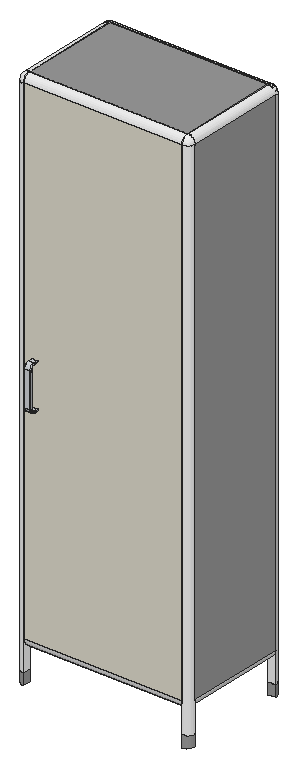
Revit family "Шкаф медицинский для одежды однодверный ДМ-2-001-30", category Оборудование, Revit 2017
Family settings
  Размер круглого соединителя = Использовать диаметр
  Тип детали = Нормальный
  На основе рабочей плоскости = Нет
  Всегда вертикально = Да
  При загрузке вырезать с полостями = Нет
  Общий = Нет
  Точка расчета площади = Нет
Parameters (values of type "Тип")
  Фасад = Столешница медицинской мебели ДСП с пластиковым покрытием
  Ручки = Алюминий 7075
  Панели = Пластмасса, непрозрачная, белая
  Общ_Ширина = 600.0 mm
  Общ_Тип, марка = "ДМ-2-001-30"
  Общ_Примечание КР [instance] = ""
  Общ_Примечание АР [instance] = ""
  Общ_Примечание = ""
  Общ_Поставщик = "Доктор Мебель"
  Общ_Позиция = ""
  Общ_Наименование = "Шкаф медицинский для одежды"
  Общ_Масса = ""
  Общ_Код продукции = ""
  Общ_Единицы измерения = "шт."
  Общ_Глубина = 400.0 mm
  Общ_Высота = 1900.0 mm
  Ножки = Пластмасса, непрозрачная, черная
  Keynote = ""
  Каркас = Алюминий 7075
  Длина ручек = 150.0 mm
  Model = ""
Reference planes
  plane 1 "По центру (Вперед/Назад)": y = 0
  plane 2: z = 0
  plane 3 "По центру (Влево/Вправо)": x = 0
  plane 4: x = 300
  plane 5: x = -300
  plane 6: y = 200
  plane 7: y = -200
  plane 8: y = 175
  plane 9: y = -175
  plane 10: z = 1900
  plane 11: z = 1875
  plane 12: x = 275
  plane 13: x = -275
Forms (mm)
  Extrusion 1, solid, material "Пластмасса, непрозрачная, черная" <- "Ножки", detail levels fine
    sketch origin (0, 0, 0) x (1, 0, 0) y (0, 1, 0)
      loop
        line (275, -175) -> (275, -200)
        arc (275, -200) -> (292.678, -192.678) -> (300, -175) r 25
        line (300, -175) -> (275, -175)
      loop
        line (275, 175) -> (300, 175)
        arc (300, 175) -> (292.678, 192.678) -> (275, 200) r 25
        line (275, 200) -> (275, 175)
      loop
        line (-275, -175) -> (-300, -175)
        arc (-300, -175) -> (-292.678, -192.678) -> (-275, -200) r 25
        line (-275, -200) -> (-275, -175)
      loop
        line (-275, 175) -> (-275, 200)
        arc (-275, 200) -> (-292.678, 192.678) -> (-300, 175) r 25
        line (-300, 175) -> (-275, 175)
    from 0 to 40
  Extrusion 2, solid, material "Алюминий 7075" <- "Каркас", detail levels fine
    sketch origin (0, 0, 0) x (1, 0, 0) y (0, 1, 0)
      loop
        line (275, 200) -> (275, 175) -> (300, 175)
        arc (300, 175) -> (292.678, 192.678) -> (275, 200) r 25
      loop
        line (300, -175) -> (275, -175) -> (275, -200)
        arc (275, -200) -> (292.678, -192.678) -> (300, -175) r 25
      loop
        line (-275, -200) -> (-275, -175) -> (-300, -175)
        arc (-300, -175) -> (-292.678, -192.678) -> (-275, -200) r 25
      loop
        arc (-275, 200) -> (-292.678, 192.678) -> (-300, 175) r 25
        line (-300, 175) -> (-275, 175) -> (-275, 200)
    from 1875 to 40
  Extrusion 3, solid, material "Пластмасса, непрозрачная, белая" <- "Панели", detail levels fine
    sketch origin (0, 0, 0) x (1, 0, 0) y (0, 1, 0)
      loop
        line (-275, 175) -> (-275, -175) -> (275, -175) -> (275, 175) -> (-275, 175)
    from 1875 to 1900
  Extrusion 4, solid, material "Пластмасса, непрозрачная, белая" <- "Панели", detail levels fine
    sketch origin (0, 0, 0) x (1, 0, 0) y (0, 1, 0)
      loop
        line (-275, 200) -> (-275, 184) -> (275, 184) -> (275, 200) -> (-275, 200)
      loop
        line (-300, 175) -> (-300, -175) -> (-284, -175) -> (-284, 175) -> (-300, 175)
      loop
        line (300, 175) -> (284, 175) -> (284, -175) -> (300, -175) -> (300, 175)
    from 1875 to 145
  Extrusion 5, solid, material "Столешница медицинской мебели ДСП с пластиковым покрытием" <- "Фасад", detail levels fine
    sketch origin (0, 0, 0) x (1, 0, 0) y (0, 1, 0)
      loop
        line (275, -184) -> (-275, -184) -> (-275, -200) -> (275, -200) -> (275, -184)
    from 145 to 1875
  Revolve 6, solid, material "Алюминий 7075" <- "Каркас", detail levels fine
    sketch origin (0, 175, 1400) x (-1, 0, 0) y (0, 0, 1)
      loop
        arc (-275, 500) -> (-292.678, 492.678) -> (-300, 475) r 25
        line (-300, 475) -> (-275, 475) -> (-275, 500)
      axis (-275, 500) -> (-275, 475)
    angle from 0 to -90
  Revolve 7, solid, material "Алюминий 7075" <- "Каркас", detail levels fine
    sketch origin (0, 175, 1400) x (-1, 0, 0) y (0, 0, 1)
      loop
        line (275, 500) -> (275, 475) -> (300, 475)
        arc (300, 475) -> (292.678, 492.678) -> (275, 500) r 25
      axis (275, 500) -> (275, 475)
    angle from 0 to -90
  Revolve 8, solid, material "Алюминий 7075" <- "Каркас", detail levels fine
    sketch origin (0, -175, 1400) x (-1, 0, 0) y (0, 0, -1)
      loop
        line (-275, -500) -> (-275, -475) -> (-300, -475)
        arc (-300, -475) -> (-292.678, -492.678) -> (-275, -500) r 25
      axis (-275, -500) -> (-275, -475)
    angle from 0 to -90
  Revolve 9, solid, material "Алюминий 7075" <- "Каркас", detail levels fine
    sketch origin (0, -175, 1400) x (-1, 0, 0) y (0, 0, -1)
      loop
        arc (275, -500) -> (292.678, -492.678) -> (300, -475) r 25
        line (300, -475) -> (275, -475) -> (275, -500)
      axis (275, -500) -> (275, -475)
    angle from 0 to -90
  Extrusion 10, solid, material "Алюминий 7075" <- "Каркас", detail levels fine
    sketch origin (-300, 760, 1400) x (0, 1, 0) y (0, 0, 1)
      loop
        arc (-560, 475) -> (-567.322, 492.678) -> (-585, 500) r 25
        line (-585, 500) -> (-585, 475) -> (-560, 475)
      loop
        line (-960, 475) -> (-935, 475) -> (-935, 500)
        arc (-935, 500) -> (-952.678, 492.678) -> (-960, 475) r 25
    from 25 to 575
  Extrusion 11, solid, material "Алюминий 7075" <- "Каркас", detail levels fine
    sketch origin (-590, -200, 1400) x (-1, 0, 0) y (0, 0, 1)
      loop
        arc (-290, 475) -> (-297.322, 492.678) -> (-315, 500) r 25
        line (-315, 500) -> (-315, 475) -> (-290, 475)
      loop
        line (-890, 475) -> (-865, 475) -> (-865, 500)
        arc (-865, 500) -> (-882.678, 492.678) -> (-890, 475) r 25
    from 25 to 384
  Extrusion 12, solid, material "Пластмасса, непрозрачная, белая" <- "Панели", detail levels fine
    sketch origin (0, 0, 0) x (1, 0, 0) y (0, 1, 0)
      loop
        line (-275, 184) -> (-275, 175) -> (-284, 175) -> (-284, -175) -> (-275, -175) -> (-275, -184) -> (275, -184) -> (275, -175) -> (284, -175) -> (284, 175) -> (275, 175) -> (275, 184) -> (-275, 184)
    from 120 to 136
  Extrusion 13, solid, detail levels fine
    sketch origin (0, -175, 1200) x (-1, 0, 0) y (0, 0, -1)
      loop
        line (284, 640) -> (284, 656) -> (-284, 656) -> (-284, 640) -> (284, 640)
      loop
        line (284, 40) -> (284, 56) -> (-284, 56) -> (-284, 40) -> (284, 40)
      loop
        line (284, -220) -> (284, -204) -> (-284, -204) -> (-284, -220) -> (284, -220)
    from 0 to -359
  Extrusion 14, solid, material "Алюминий 7075" <- "Каркас", detail levels fine
    sketch origin (-300, 760, 620) x (0, 1, 0) y (0, 0, 1)
      loop
        line (-560, -475) -> (-585, -475) -> (-585, -500)
        arc (-585, -500) -> (-567.322, -492.678) -> (-560, -475) r 25
      loop
        arc (-960, -475) -> (-952.678, -492.678) -> (-935, -500) r 25
        line (-935, -500) -> (-935, -475) -> (-960, -475)
    from 25 to 575
  Extrusion 15, solid, material "Алюминий 7075" <- "Каркас", detail levels fine
    sketch origin (-590, -200, 620) x (-1, 0, 0) y (0, 0, 1)
      loop
        line (-290, -475) -> (-315, -475) -> (-315, -500)
        arc (-315, -500) -> (-297.322, -492.678) -> (-290, -475) r 25
      loop
        arc (-890, -475) -> (-882.678, -492.678) -> (-865, -500) r 25
        line (-865, -500) -> (-865, -475) -> (-890, -475)
    from 25 to 375
Lines and regions (mm)
  symbolic lines, detail levels coarse+medium
    curve 1: line (300, -200, 0) -> (-300, -200, 0)
    curve 2: line (300, 200, 0) -> (300, -200, 0)
    curve 3: line (-300, 200, 0) -> (300, 200, 0)
    curve 4: line (-300, -200, 0) -> (-300, 200, 0)
    curve 5: line (-300, -200, 0) -> (0, 200, 0)
    curve 6: line (0, 200, 0) -> (300, -200, 0)
Dimensions and locks
  equal spacing: plane 5, plane 3 "По центру (Влево/Вправо)", plane 4
  "Общ_Ширина": plane 5 to plane 4
  locked: plane 10 to plane 11 at 25
  "Общ_Высота": plane 10 to level
  "Общ_Глубина": plane 6 to plane 7
  equal spacing: plane 6, plane 1 "По центру (Вперед/Назад)", plane 7
  locked: plane 9 to plane 7 at 25
  locked: plane 6 to plane 8 at 25
  locked: plane 5 to plane 13 at 25
  locked: plane 12 to plane 4 at 25
  aligned and locked: level to plane 2
  aligned and locked: Extrusion 15 to Extrusion 1
  aligned and locked: Extrusion 1 to Extrusion 11
  aligned and locked: Extrusion 11 to Extrusion 1
  aligned and locked: Extrusion 10 to Extrusion 1  (x2)
  aligned and locked: Extrusion 10 to Extrusion 3
  aligned and locked: Revolve 8 sketch curve to plane 11
  aligned and locked: Revolve 8 sketch curve to Revolve 8 sketch curve
  aligned and locked: plane 11 to Extrusion 11 sketch curve
  aligned and locked: Extrusion 11 sketch curve to plane 13
  aligned and locked: plane 12 to Extrusion 15 sketch curve
  aligned and locked: Extrusion 15 sketch curve to Extrusion 4
  aligned and locked: plane 13 to Extrusion 15 sketch curve
  aligned and locked: plane 11 to Revolve 6 sketch curve
  aligned and locked: Revolve 6 sketch curve to Revolve 6 sketch curve
  aligned and locked: Revolve 7 sketch curve to Revolve 7 sketch curve
  aligned and locked: Revolve 7 sketch curve to plane 11
  aligned and locked: Extrusion 10 to Extrusion 2
  aligned and locked: Extrusion 5 sketch curve to plane 13
  aligned and locked: plane 7 to nested 1
Automatic sketch dimensions
  Extrusion 1 sketch curve to plane 5 = 0.0 mm  (x2)
  Extrusion 1 sketch curve to plane 6 = 0.0 mm  (x2)
  Extrusion 1 sketch curve to plane 8 = 0.0 mm  (x2)
  Extrusion 1 sketch curve to plane 7 = 0.0 mm  (x2)
  plane 9 to Extrusion 1 sketch curve = 0.0 mm  (x2)
  Extrusion 1 sketch curve to plane 4 = 0.0 mm  (x2)
  plane 9 to Extrusion 3 sketch curve = 0.0 mm
  Extrusion 3 sketch curve to plane 8 = 0.0 mm
  plane 5 to Extrusion 3 sketch curve = 25.0 mm
  Extrusion 3 sketch curve to plane 4 = 25.0 mm
  Extrusion 4 sketch curve to plane 5 = 0.0 mm
  Extrusion 4 sketch curve to plane 8 = 0.0 mm  (x2)
  plane 9 to Extrusion 4 sketch curve = 0.0 mm  (x2)
  Extrusion 4 sketch curve to plane 6 = 0.0 mm
  Extrusion 4 sketch curve to plane 4 = 0.0 mm
  plane 5 to Extrusion 4 sketch curve = 16.0 mm
  Extrusion 4 sketch curve to Extrusion 4 sketch curve = 9.0 mm  (x2)
  plane 8 to Extrusion 4 sketch curve = 9.0 mm
  Extrusion 4 sketch curve to plane 4 = 25.0 mm
  Revolve 9 sketch curve to plane 5 = 0.0 mm
  plane 5 to Revolve 9 sketch curve = 25.0 mm
  level to Revolve 9 sketch curve = 1900.0 mm
  Revolve 9 sketch curve to Revolve 9 sketch curve = 0.0 mm
  Revolve 9 sketch curve to Revolve 9 sketch curve = 18.44 mm
  Revolve 9 sketch curve to Revolve 9 sketch curve = 10.0 mm
  Extrusion 10 sketch curve to plane 7 = 0.0 mm
  Extrusion 10 sketch curve to plane 9 = 0.0 mm
  Extrusion 10 sketch curve to plane 8 = 0.0 mm
  Extrusion 10 sketch curve to plane 6 = 0.0 mm
  level to Extrusion 10 sketch curve = 1875.0 mm
  Extrusion 10 sketch curve to Extrusion 10 sketch curve = 0.0 mm
  plane 9 to Extrusion 12 sketch curve = 0.0 mm  (x2)
  Extrusion 12 sketch curve to plane 8 = 0.0 mm  (x2)
  plane 5 to Extrusion 12 sketch curve = 16.0 mm
  Extrusion 12 sketch curve to Extrusion 12 sketch curve = 9.0 mm  (x3)
  plane 9 to Extrusion 12 sketch curve = 9.0 mm
  Extrusion 12 sketch curve to plane 4 = 25.0 mm  (x2)
  plane 8 to Extrusion 12 sketch curve = 9.0 mm
  plane 4 to Extrusion 13 sketch curve = 16.0 mm  (x3)
  Extrusion 13 sketch curve to plane 5 = 16.0 mm  (x3)
  Extrusion 13 sketch curve to level = 544.0 mm
  Extrusion 13 sketch curve to Extrusion 13 sketch curve = 16.0 mm  (x3)
  Extrusion 13 sketch curve to Extrusion 13 sketch curve = 584.0 mm
  Extrusion 13 sketch curve to Extrusion 13 sketch curve = 244.0 mm
  Extrusion 14 sketch curve to plane 7 = 0.0 mm
  Extrusion 14 sketch curve to plane 9 = 0.0 mm
  Extrusion 14 sketch curve to plane 8 = 0.0 mm
  Extrusion 14 sketch curve to plane 6 = 0.0 mm
  level to Extrusion 14 sketch curve = 120.0 mm  (x2)
  plane 4 to Revolve 8 sketch curve = 0.0 mm
  plane 12 to Revolve 8 sketch curve = 0.0 mm
  Revolve 8 sketch curve to Revolve 8 sketch curve = 35.0 mm
  Revolve 8 sketch curve to plane 11 = 25.0 mm
  Extrusion 11 sketch curve to plane 4 = 0.0 mm
  Extrusion 11 sketch curve to plane 11 = 0.0 mm
  Extrusion 11 sketch curve to plane 12 = 0.0 mm
  Extrusion 11 sketch curve to plane 5 = 0.0 mm
  Extrusion 15 sketch curve to plane 4 = 0.0 mm
  Extrusion 15 sketch curve to plane 5 = 0.0 mm
  level to Extrusion 15 sketch curve = 120.0 mm
  Extrusion 15 sketch curve to plane 13 = 0.0 mm
  Revolve 6 sketch curve to plane 4 = 0.0 mm
  Revolve 6 sketch curve to plane 12 = 0.0 mm
  Revolve 6 sketch curve to plane 11 = 25.0 mm
  Revolve 6 sketch curve to Revolve 6 sketch curve = 35.0 mm
  Revolve 7 sketch curve to plane 13 = 0.0 mm
  Revolve 7 sketch curve to plane 5 = 0.0 mm
  Revolve 7 sketch curve to Revolve 7 sketch curve = 10.0 mm
  Revolve 7 sketch curve to Revolve 7 sketch curve = 18.44 mm
  Extrusion 5 sketch curve to plane 12 = 0.0 mm
  Extrusion 5 sketch curve to plane 7 = 0.0 mm
  plane 9 to Extrusion 5 sketch curve = 9.0 mm
  Extrusion 2 sketch curve to plane 5 = 0.0 mm  (x2)
  Extrusion 2 sketch curve to plane 8 = 0.0 mm
  Extrusion 2 sketch curve to plane 13 = 0.0 mm  (x2)
  Extrusion 2 sketch curve to plane 7 = 0.0 mm  (x2)
  Extrusion 2 sketch curve to plane 6 = 0.0 mm
  Extrusion 2 sketch curve to plane 12 = 0.0 mm  (x2)
  Extrusion 2 sketch curve to plane 4 = 0.0 mm  (x2)
  curve 1 to plane 5 = 0.0 mm
  curve 6 to plane 3 "По центру (Влево/Вправо)" = 0.0 mm
  curve 2 to plane 4 = 0.0 mm
  curve 1 to plane 7 = 0.0 mm
  curve 4 to plane 6 = 0.0 mm
Nested families
  nested 1: "Ручка дверная для корпусной мебели травмобезопасная" at (-235, -200, 950) x (-1, 0, 0) z (0, 0, 1), Материал <- "Ручки", Длина <- "Длина ручек", type "Вертикальная", detail levels fine
    with Материал Алюминий 7075, Длина 150.0 mm
Definition of nested family "Ручка дверная для корпусной мебели травмобезопасная"
  Parameters (values of type "Вертикальная")
    Материал [instance] = none
    Keynote = ""
    Длина [instance] = 200.0 mm
    Model = ""
    Горизонтальная = no
    Вертикальная = yes
  Types (2, lengths in mm): name | Горизонтальная | Вертикальная
    Вертикальная | no | yes
    Горизонтальная | yes | no
  Reference planes
    plane 1 "По центру (Вперед/Назад)": y = 0
    plane 2: z = 0
    plane 3 "По центру (Влево/Вправо)": x = 0
    plane 4: z = 100
    plane 5: z = -100
    plane 6: x = -100
    plane 7: x = 100
  Forms (mm)
    Sweep 1, solid, visible <- "Вертикальная"
      path origin (-700, -1524, 571.719) x (0, 0, 1) y (0, -1, 0)
        loop
          line (-471.719, -1524) -> (-471.719, -1509)
          arc (-471.719, -1509) -> (-476.113, -1498.393) -> (-486.719, -1494) r 15
          line (-486.719, -1494) -> (-656.719, -1494)
          arc (-656.719, -1494) -> (-667.326, -1498.393) -> (-671.719, -1509) r 15
          line (-671.719, -1509) -> (-671.719, -1524)
      profile origin (-700, -7.5, 100) x (0, 0, -1) y (1, 0, 0)
        loop
          line (2.5, 691.5) -> (2.5, 708.5)
          arc (2.5, 708.5) -> (2.061, 709.561) -> (1, 710) r 1.5
          line (1, 710) -> (-1, 710)
          arc (-1, 710) -> (-2.061, 709.561) -> (-2.5, 708.5) r 1.5
          line (-2.5, 708.5) -> (-2.5, 691.5)
          arc (-2.5, 691.5) -> (-2.061, 690.439) -> (-1, 690) r 1.5
          line (-1, 690) -> (1, 690)
          arc (1, 690) -> (2.061, 690.439) -> (2.5, 691.5) r 1.5
    Sweep 2, solid, visible <- "Горизонтальная"
      path origin (-571.719, -1524, -700) x (-1, 0, 0) y (0, -1, 0)
        loop
          line (-471.719, -1524) -> (-471.719, -1509)
          arc (-471.719, -1509) -> (-476.113, -1498.393) -> (-486.719, -1494) r 15
          line (-486.719, -1494) -> (-656.719, -1494)
          arc (-656.719, -1494) -> (-667.326, -1498.393) -> (-671.719, -1509) r 15
          line (-671.719, -1509) -> (-671.719, -1524)
      profile origin (-100, -7.5, -700) x (1, 0, 0) y (0, 0, 1)
        loop
          line (2.5, 691.5) -> (2.5, 708.5)
          arc (2.5, 708.5) -> (2.061, 709.561) -> (1, 710) r 1.5
          line (1, 710) -> (-1, 710)
          arc (-1, 710) -> (-2.061, 709.561) -> (-2.5, 708.5) r 1.5
          line (-2.5, 708.5) -> (-2.5, 691.5)
          arc (-2.5, 691.5) -> (-2.061, 690.439) -> (-1, 690) r 1.5
          line (-1, 690) -> (1, 690)
          arc (1, 690) -> (2.061, 690.439) -> (2.5, 691.5) r 1.5
  Dimensions and locks
    "Длина": plane 4 to plane 5
    "Длина": plane 7 to plane 6
    equal spacing: plane 7, plane 3 "По центру (Влево/Вправо)", plane 6
    equal spacing: plane 4, level, plane 5
    aligned and locked: level to plane 2
    aligned and locked: plane 4 to Sweep 1 sketch curve
    aligned and locked: Sweep 1 sketch curve to plane 5
    aligned and locked: plane 7 to Sweep 2 sketch curve
    aligned and locked: Sweep 2 sketch curve to plane 6
  Automatic sketch dimensions
    Sweep 1 sketch curve to plane 1 "По центру (Вперед/Назад)" = 0.0 mm  (x2)
    plane 5 to Sweep 1 sketch curve = 15.0 mm
    plane 1 "По центру (Вперед/Назад)" to Sweep 1 sketch curve = 15.0 mm
    Sweep 1 sketch curve to plane 4 = 15.0 mm
    profile plane to Sweep 1 sketch curve = 2.5 mm
    profile plane to Sweep 1 sketch curve = 1.0 mm  (x2)
    Sweep 1 sketch curve to profile plane = 1.0 mm  (x2)
    Sweep 1 sketch curve to Sweep 1 sketch curve = 1.5 mm
    profile plane to Sweep 1 sketch curve = 690.0 mm
    Sweep 1 sketch curve to Sweep 1 sketch curve = 17.0 mm
    profile plane to Sweep 2 sketch curve = 2.5 mm
    profile plane to Sweep 2 sketch curve = 1.0 mm  (x2)
    Sweep 2 sketch curve to profile plane = 1.0 mm  (x2)
    Sweep 2 sketch curve to Sweep 2 sketch curve = 1.5 mm
    profile plane to Sweep 2 sketch curve = 690.0 mm
    Sweep 2 sketch curve to Sweep 2 sketch curve = 17.0 mm
    plane 1 "По центру (Вперед/Назад)" to Sweep 2 sketch curve = 0.0 mm  (x2)
    Sweep 2 sketch curve to plane 7 = 15.0 mm
    plane 1 "По центру (Вперед/Назад)" to Sweep 2 sketch curve = 15.0 mm
    plane 6 to Sweep 2 sketch curve = 15.0 mm
